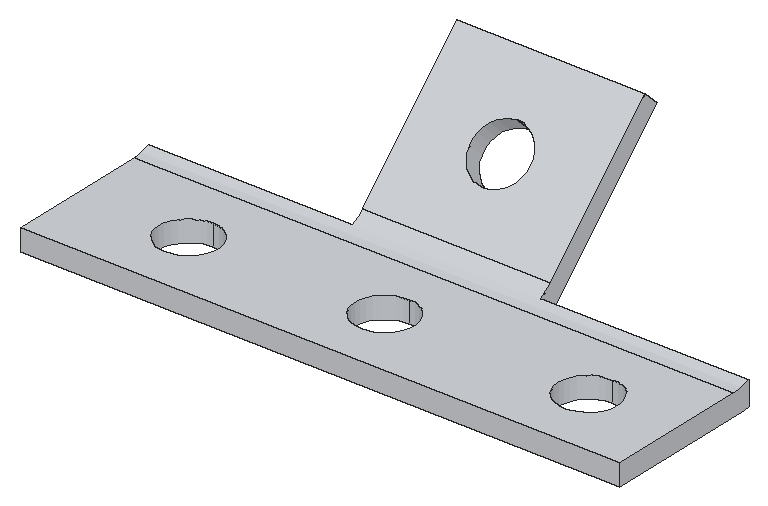
Revit family "MP16", category Generic Models, Revit 2017
Family settings
  Can host rebar = No
  Round Connector Dimension = Use Diameter
  Part Type = Normal
  Work Plane-Based = Yes
  Always vertical = No
  Cut with Voids When Loaded = No
  Shared = No
  Room Calculation Point = No
Parameters (values of type "NBS Standard Parameters")
  Weight = "0.335Kg"
  WarrantyStartDate [instance] = "1900-12-31T23:59:59"
  WarrantyGuarantorParts = "n/a"
  WarrantyGuarantorLabor = "n/a"
  WarrantyDurationUnit = "1 year"
  WarrantyDurationParts = "n/a"
  WarrantyDurationLabor = "n/a"
  WarrantyDescription = "n/a"
  Version = "1"
  Uniclass2 = "Pr_65_70_11_19"
  TagNumber [instance] = "n/a"
  SustainabilityPerformance = "n/a"
  Size = "45 degree"
  Shape = "Angle"
  SerialNumber [instance] = "n/a"
  Revision = "n/a"
  ReplacementCost = "n/a"
  ProductInformation = "www.metpro.co.uk/pdf/mp16.pdf"
  NominalWidth = 41 mm
  NominalLength = 138 mm
  NominalHeight = 38 mm
  Name = ""
  NBSTypeID = ""
  NBSReference = "90-55-10/305"
  NBSOfficeMasterTag = ""
  NBSNote = ""
  NBSDescription = "Channel Cable Supports"
  NBSCertification = ""
  ModelReference = "MP16"
  ModelNumber = "n/a"
  Material = "Steel"
  ManufacturerURL = "www.metpro.co.uk"
  ManufacturerName = "Metpro Ltd"
  Keynote = "Compliant to LU Standard 1-085"
  InstallationDate [instance] = "1900-12-31T23:59:59"
  IfcExportType = ""
  IfcExportAs = ""
  Grade = "n/a"
  Finish = "Hot Dipped Galvanised"
  Features = "n/a"
  ExpectedLife = "n/a"
  DurationUnit = "year"
  Description = "MP14 - RHT Corner Bracket"
  Default Elevation = 1219.2 mm
  Constituents = "n/a"
  Color = "n/a"
  CodePerformance = "n/a"
  Category = "n/a"
  BarCode [instance] = "n/a"
  BIMObjectName = "Role_Source_Type_Generic"
  Author = "Metpro Ltd"
  AssetType = ""
  AssetIdentifier [instance] = "n/a"
  AccessibilityPerformance = "n/a"
Reference planes
  plane 1 "Center (Front/Back)": y = 0
  plane 2: z = 0
  plane 3 "Center (Left/Right)": x = 0
Forms (mm)
  Extrusion 1, solid
    sketch origin (-166.289, -13.91, -4.615) x (0, 1, 0) y (0, 0, -1)
      loop
        line (3.148, 0) -> (3.148, -5) -> (36.463, -5)
        arc (36.463, -5) -> (40.29, -5.761) -> (43.534, -7.929) r 10
        line (43.534, -7.929) -> (71.011, -35.406) -> (74.547, -31.87) -> (46.014, -3.337)
        arc (46.014, -3.337) -> (42.317, -0.867) -> (37.957, 0) r 11.393
        line (37.957, 0) -> (3.148, 0)
    from -50 to 90
  Extrusion 2, void
    sketch origin (-166.289, -13.91, -4.615) x (0, 1, 0) y (-1, 0, 0)
      loop
        circle (19.507, 18.014) r 7
      loop
        circle (19.507, 63.714) r 7
      loop
        circle (19.507, -29.529) r 7
    from 0 to 5
  Extrusion 3, void
    sketch origin (-257.059, 26.71, -4.615) x (-1, 0, 0) y (0, 0, -1)
      loop
        line (-48.5, 0) -> (-48.5, -50) -> (0, -50) -> (0, 0) -> (-48.5, 0)
      loop
        line (-140.769, -35.661) -> (-92.269, -35.661) -> (-92.269, 0) -> (-140.769, 0) -> (-140.769, -35.661)
    from 0 to -34.051
  Extrusion 4, void
    sketch origin (-166.289, 26.696, 0.385) x (0, -0.707107, -0.707107) y (-1, 0, 0)
      loop
        circle (-22.844, 20.673) r 7
    from 0 to 5
Cuts and joins
  Extrusion 2, Extrusion 3, Extrusion 4 cuts Extrusion 1
Dimensions and locks
  aligned and locked: level to plane 2
  aligned and locked: Extrusion 4 to Extrusion 1
  aligned and locked: Extrusion 2 to Extrusion 1
